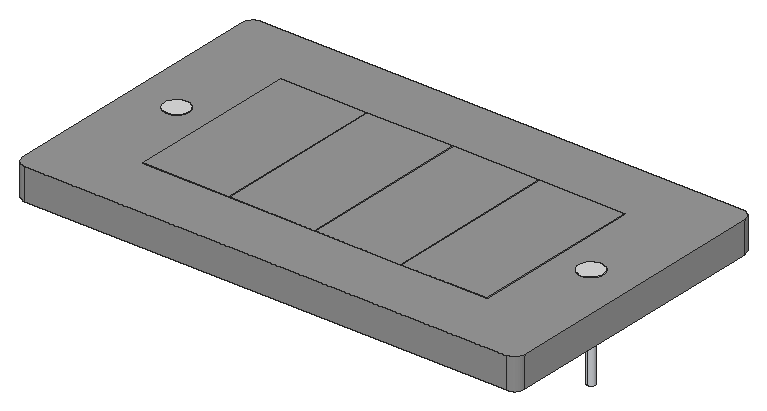
Revit family "ElectricalFixture_WiringAccessories_Hager_Sollysta_DecorativeRaisedEuroPlates", category Electrical Fixtures, host Face, Revit 2015
Parameters (values of type "WRP4EUBNB")
  Warranty ID = ""
  Voltage (Volts) = "230V/240V"
  Unique Reference = "WRP4EUBNB"
  Type = "ElectricalFixture"
  Technical Description = Description  # "EuroStylePlate4ModuleBlackNickelBlackInsert"
  SwitchHeight = 50.0 mm
  Switch Width = 100.0 mm
  Switch = yes
  Supply Phase = "1"
  Size = ""
  Shipping Weight kg = "0.188"
  Shape = "Rectangular"
  Reference Standard = "BS 1363-2"
  Product URL = "http://www.hager.co.uk/product-catalogue/wiring-accessories/sollysta/white-moulded/white-moulded-euro-accomodation-plates-modules/58361.htm"
  Product Range = "Sollysta"
  Product Model Number = Unique Reference  # "WRP4EUBNB"
  Product Literature = "http://www.hager.co.uk/product-catalogue/wiring-accessories/sollysta/38662.htm"
  Product Group = "WiringAccessories"
  Product Family = "DecorativeEuroAccomodationPlates&Modules"
  Packaging Recyclable = yes
  Overall Width = Overall Length  # 146.0 mm
  Overall Length = 146.0 mm
  Overall Height = 86.0 mm
  Overall Depth = 26.07 mm
  Operation and Maintenance Manual = ""
  Name = "DecorativeEuroAccomodationPlates&Modules_WRP4EUBNB"
  Module4 [instance] = ElectricalFixture_WiringAccessories_Hager_Sollysta_EuroModulesWhite : WMMRJ45
  Module3 [instance] = ElectricalFixture_WiringAccessories_Hager_Sollysta_EuroModulesWhite : WMMRJ45
  Module2 [instance] = ElectricalFixture_WiringAccessories_Hager_Sollysta_EuroModulesWhite : WMMRJ11
  Module1 [instance] = ElectricalFixture_WiringAccessories_Hager_Sollysta_EuroModulesWhite : WMMBTM
  Measurement Units = "mm"
  Material = Hager_BlackNickel
  Manufacturer Website = "http://www.hager.co.uk/"
  Manufacturer Country = "United Kingdom"
  Manufacturer = "Hager"
  LED Indicator Switch = no
  Gross Weight kg = "0.165"
  Frequency = "50/60Hz"
  Finish = "Polished"
  Features = Description  # "EuroStylePlate4ModuleBlackNickelBlackInsert"
  Extrusion From Wall = 9.0 mm
  Expected Life = "25 years"
  EAN Code = "5015654743338"
  Design Country = "China"
  Description = "EuroStylePlate4ModuleBlackNickelBlackInsert"
  Default Elevation = 1219.2 mm
  Colour = "BlackNickel"
  CE Approval = yes
  4Gang = yes
  2Gang = yes
  1Gang = no
Types (12, lengths in mm): name | Unique Reference | Technical Description | Product Model Number | Overall Width | Overall Length | Name | Material | Finish | Features | EAN Code | Description | Colour | 4Gang | 2Gang | 1Gang
  WRP1EUPSW | "WRP1EUPSW" | "EuroStylePlate1ModulePolishedSteelWhiteInsert" | "WRP1EUPSW" | 86.0 | 86.0 | "DecorativeEuroAccomodationPlates&Modules_WRP1EUPSW" | Hager_PolishedSteel | "Polished" | "EuroStylePlate1ModulePolishedSteelWhiteInsert" | "5015652261599" | "EuroStylePlate1ModulePolishedSteelWhiteInsert" | "PolishedSteel" | no | no | yes
  WRP2EUPSW | "WRP2EUPSW" | "EuroStylePlate2ModulePolishedSteelWhiteInsert" | "WRP2EUPSW" | 86.0 | 86.0 | "DecorativeEuroAccomodationPlates&Modules_WRP2EUPSW" | Hager_PolishedSteel | "Polished" | "EuroStylePlate2ModulePolishedSteelWhiteInsert" | "5015654743079" | "EuroStylePlate2ModulePolishedSteelWhiteInsert" | "PolishedSteel" | no | yes | no
  WRP2EUBSW | "WRP2EUBSW" | "EuroStylePlate2ModuleBrushedSteelWhiteInsert" | "WRP2EUBSW" | 86.0 | 86.0 | "DecorativeEuroAccomodationPlates&Modules_WRP2EUBSW" | Hager_BrushedSteel | "Brushed" | "EuroStylePlate2ModuleBrushedSteelWhiteInsert" | "5015654743116" | "EuroStylePlate2ModuleBrushedSteelWhiteInsert" | "BrushedSteel" | no | yes | no
  WRP2EUPBW | "WRP2EUPBW" | "EuroStylePlate2ModulePolishedBrassWhiteInsert" | "WRP2EUPBW" | 86.0 | 86.0 | "DecorativeEuroAccomodationPlates&Modules_WRP2EUPBW" | Hager_PolishedBrass | "Polished" | "EuroStylePlate2ModulePolishedBrassWhiteInsert" | "5015654743154" | "EuroStylePlate2ModulePolishedBrassWhiteInsert" | "PolishedBrass" | no | yes | no
  WRP2EUPSB | "WRP2EUPSB" | "EuroStylePlate2ModulePolishedSteelBlackInsert" | "WRP2EUPSB" | 86.0 | 86.0 | "DecorativeEuroAccomodationPlates&Modules_WRP2EUPSB" | Hager_PolishedSteel | "Polished" | "EuroStylePlate2ModulePolishedSteelBlackInsert" | "5015654743093" | "EuroStylePlate2ModulePolishedSteelBlackInsert" | "PolishedSteel" | no | yes | no
  WRP4EUPSW | "WRP4EUPSW" | "EuroStylePlate4ModulePolishedSteelWhiteInsert" | "WRP4EUPSW" | 146.0 | 146.0 | "DecorativeEuroAccomodationPlates&Modules_WRP4EUPSW" | Hager_PolishedSteel | "Polished" | "EuroStylePlate4ModulePolishedSteelWhiteInsert" | "5015654743215" | "EuroStylePlate4ModulePolishedSteelWhiteInsert" | "PolishedSteel" | yes | yes | no
  WRP4EUBSW | "WRP4EUBSW" | "EuroStylePlate4ModuleBrushedSteelWhiteInsert" | "WRP4EUBSW" | 146.0 | 146.0 | "DecorativeEuroAccomodationPlates&Modules_WRP4EUBSW" | Hager_BrushedSteel | "Brushed" | "EuroStylePlate4ModuleBrushedSteelWhiteInsert" | "5015654743253" | "EuroStylePlate4ModuleBrushedSteelWhiteInsert" | "BrushedSteel" | yes | yes | no
  WRP4EUPBW | "WRP4EUPBW" | "EuroStylePlate4ModulePolishedBrassWhiteInsert" | "WRP4EUPBW" | 146.0 | 146.0 | "DecorativeEuroAccomodationPlates&Modules_WRP4EUPBW" | Hager_PolishedBrass | "Polished" | "EuroStylePlate4ModulePolishedBrassWhiteInsert" | "5015654743291" | "EuroStylePlate4ModulePolishedBrassWhiteInsert" | "PolishedBrass" | yes | yes | no
  WRP4EUPSB | "WRP4EUPSB" | "EuroStylePlate4ModulePolishedSteelBlackInsert" | "WRP4EUPSB" | 146.0 | 146.0 | "DecorativeEuroAccomodationPlates&Modules_WRP4EUPSB" | Hager_PolishedSteel | "Polished" | "EuroStylePlate4ModulePolishedSteelBlackInsert" | "5015654743239" | "EuroStylePlate4ModulePolishedSteelBlackInsert" | "PolishedSteel" | yes | yes | no
  WRP4EUBSB | "WRP4EUBSB" | "EuroStylePlate4ModuleBrushedSteelBlackInsert" | "WRP4EUBSB" | 146.0 | 146.0 | "DecorativeEuroAccomodationPlates&Modules_WRP4EUBSB" | Hager_BrushedSteel | "Brushed" | "EuroStylePlate4ModuleBrushedSteelBlackInsert" | "5015654743277" | "EuroStylePlate4ModuleBrushedSteelBlackInsert" | "BrushedSteel" | yes | yes | no
  WRP4EUPBB | "WRP4EUPBB" | "EuroStylePlate4ModulePolishedBrassBlackInsert" | "WRP4EUPBB" | 146.0 | 146.0 | "DecorativeEuroAccomodationPlates&Modules_WRP4EUPBB" | Hager_PolishedBrass | "Polished" | "EuroStylePlate4ModulePolishedBrassBlackInsert" | "5015654743314" | "EuroStylePlate4ModulePolishedBrassBlackInsert" | "PolishedBrass" | yes | yes | no
  WRP4EUBNB | "WRP4EUBNB" | "EuroStylePlate4ModuleBlackNickelBlackInsert" | "WRP4EUBNB" | 146.0 | 146.0 | "DecorativeEuroAccomodationPlates&Modules_WRP4EUBNB" | Hager_BlackNickel | "Polished" | "EuroStylePlate4ModuleBlackNickelBlackInsert" | "5015654743338" | "EuroStylePlate4ModuleBlackNickelBlackInsert" | "BlackNickel" | yes | yes | no
Reference planes
  plane 1 "Center (Front/Back)": y = 0
  plane 2: z = 0
  plane 3 "Center (Left/Right)": x = -11.5
  plane 4: y = -43
  plane 5: y = 43
  plane 6: x = -84.5
  plane 7: x = 61.5
  plane 8: z = 9.47
  plane 9: z = -16.6
  plane 10: z = 9
  plane 11: y = -471.393
  plane 12: z = -20.53
  plane 13: x = -71.65
  plane 14: x = 48.65
  plane 15: x = -61.5
  plane 16: x = 38.5
  plane 17: y = -25
  plane 18: y = 25
  plane 19 "Ref Line": z = -2.9
Forms (mm)
  Extrusion 1, solid, material "Steel, Chrome Plated", detail levels fine
    sketch origin (0, 0, 0) x (1, 0, 0) y (0, 1, 0)
      loop
        circle (-71.65, 0) r 3.542
    from -1.167 to 9
  Extrusion 2, solid, material "Steel, Chrome Plated", detail levels fine
    sketch origin (0, 0, 0) x (-1, 0, 0) y (0, -1, 0)
      loop
        circle (-48.65, 0) r 3.542
    from -1.167 to 9
  Extrusion 3, solid, material "Urea Formaldehyde Thermoset Plastic", detail levels medium
    sketch origin (0, 0, 0) x (1, 0, 0) y (0, 1, 0)
      loop
        line (-84.5, 43) -> (-84.5, -43) -> (61.5, -43) -> (61.5, 43) -> (-84.5, 43)
    from 0 to 9
  Extrusion 4, solid
    sketch origin (-184.307, 0, -1.167) x (0, 1, 0) y (-1, 0, 0)
      loop
        circle (0, -112.657) r 1.2
    from 0 to 19.363
  Extrusion 5, solid
    sketch origin (0, 0, -1.167) x (0, -1, 0) y (1, 0, 0)
      loop
        circle (0, 48.65) r 1.2
    from 0 to 19.363
  Extrusion 6, solid, material "Urea Formaldehyde Thermoset Plastic", detail levels medium
    sketch origin (0, 0, 0) x (1, 0, 0) y (0, 1, 0)
      loop
        line (-84.5, -43) -> (61.5, -43) -> (61.5, 43) -> (-84.5, 43) -> (-84.5, -43)
    from 0 to 9
  Extrusion 7, solid, material "Hager_BlackNickel" <- "Material", detail levels fine
    sketch origin (0, 0, 0) x (1, 0, 0) y (0, 1, 0)
      loop
        arc (-81.235, 43) -> (-83.544, 42.044) -> (-84.5, 39.735) r 3.265
        line (-84.5, 39.735) -> (-84.5, -39.765)
        arc (-84.5, -39.765) -> (-83.553, -42.053) -> (-81.265, -43) r 3.235
        line (-81.265, -43) -> (58.509, -43)
        arc (58.509, -43) -> (60.624, -42.124) -> (61.5, -40.009) r 2.991
        line (61.5, -40.009) -> (61.5, 39.751)
        arc (61.5, 39.751) -> (60.548, 42.048) -> (58.251, 43) r 3.249
        line (58.251, 43) -> (-81.235, 43)
    from 0 to 9
Lines and regions (mm)
  symbolic lines, style "ElectricalFixtures", not visible, detail levels coarse
    curve 1: line (73.42, -504.912, 19.451) -> (3.42, -504.912, 19.451)
    curve 2: arc (73.42, -504.912, 19.451) -> (38.42, -504.912, 54.451) -> (3.42, -504.912, 19.451) r 35
    curve 3: circle (38.42, -504.912, 54.451) r 6 normal (0, 1, 0)
    curve 4: line (38.42, -504.912, 54.451) -> (38.42, -504.912, 99.451)
    curve 5: line (38.42, -504.912, 99.451) -> (68.42, -504.912, 99.451)
    curve 6: line (38.42, -504.912, 54.451) -> (10.78, -504.912, 87.391)
    curve 7: line (10.78, -504.912, 87.391) -> (-3.315, -504.912, 75.564)
    curve 8: line (0.509, -504.912, 19.451) -> (-69.491, -504.912, 19.451)
    curve 9: arc (0.509, -504.912, 19.451) -> (-34.491, -504.912, 54.451) -> (-69.491, -504.912, 19.451) r 35
    curve 10: circle (-34.491, -504.912, 54.451) r 6 normal (0, 1, 0)
    curve 11: line (-34.491, -504.912, 54.451) -> (-34.491, -504.912, 99.451)
    curve 12: line (-34.491, -504.912, 99.451) -> (-4.491, -504.912, 99.451)
    curve 13: line (-34.491, -504.912, 54.451) -> (-62.13, -504.912, 87.391)
    curve 14: line (-62.13, -504.912, 87.391) -> (-76.226, -504.912, 75.564)
  model lines, detail levels coarse
    curve 15: line (-84.5, 43, 0) -> (61.5, 43, 0)
    curve 16: line (-84.5, -43, 0) -> (-84.5, 43, 0)
    curve 17: line (61.5, -43, 0) -> (-84.5, -43, 0)
    curve 18: line (61.5, 43, 0) -> (61.5, -43, 0)
    curve 19: arc (-67.608, 0, 0) -> (-71.65, -4.042, 0) -> (-75.692, 0, 0) r 4.042
    curve 20: arc (-75.692, 0, 0) -> (-71.65, 4.042, 0) -> (-67.608, 0, 0) r 4.042
    curve 21: arc (52.692, 0, 0) -> (48.65, -4.042, 0) -> (44.608, 0, 0) r 4.042
    curve 22: arc (44.608, 0, 0) -> (48.65, 4.042, 0) -> (52.692, 0, 0) r 4.042
  model lines
    curve 23: line (35.719, -25, 0) -> (-58.806, -25, 0)
Dimensions and locks
  "Overall Length": plane 6 to plane 7
  "Overall Height": plane 4 to plane 5
  "Extrusion From Wall": plane 2 to plane 10
  locked: plane 14 to plane 7 at 12.85
  locked: plane 6 to plane 13 at 12.85
  equal spacing: plane 6, plane 3 "Center (Left/Right)", plane 7
  equal spacing: plane 15, plane 3 "Center (Left/Right)", plane 16
  "Switch Width": plane 15 to plane 16
  equal spacing: plane 18, plane 1 "Center (Front/Back)", plane 17
  "SwitchHeight": plane 18 to plane 17
  plane 15 to plane 3 "Center (Left/Right)" to plane 16 = 50.0 mm, 50.0 mm
  nested 1 to host face = 9.0 mm
  locked: plane 10 to plane 19 "Ref Line" at 11.9
  aligned and locked: plane 2 to host face
  aligned and locked: level to host face
  aligned and locked: Extrusion 2 to Extrusion 4
  aligned and locked: Extrusion 5 to Extrusion 1
  aligned and locked: plane 12 to Extrusion 5
  aligned and locked: Extrusion 6 to level
  aligned and locked: plane 14 to Extrusion 5 sketch curve
  aligned and locked: plane 13 to Extrusion 4 sketch curve
  aligned and locked: plane 1 "Center (Front/Back)" to nested 1
  aligned and locked: curve 15 to Extrusion 7 sketch curve
  aligned and locked: curve 16 to Extrusion 7 sketch curve
  aligned and locked: curve 17 to Extrusion 7 sketch curve
  aligned and locked: curve 18 to Extrusion 7 sketch curve
  aligned and locked: Extrusion 7 to plane 10
  aligned and locked: Extrusion 6 to Extrusion 7
  aligned and locked: Extrusion 3 to Extrusion 6
  aligned and locked: Extrusion 3 to Extrusion 1
  aligned and locked: Extrusion 2 to Extrusion 1
Automatic sketch dimensions
  host sketch curve to host sketch curve = 2438.4 mm  (x2)
  Extrusion 1 sketch curve to Extrusion 1 sketch curve = 0.0 mm  (x2)
  plane 1 "Center (Front/Back)" to Extrusion 1 sketch curve = 0.0 mm
  Extrusion 1 sketch curve to plane 13 = 0.0 mm
  Extrusion 1 sketch curve to plane 13 = 3.542 mm
  Extrusion 2 sketch curve to Extrusion 2 sketch curve = 0.0 mm  (x2)
  plane 1 "Center (Front/Back)" to Extrusion 2 sketch curve = 0.0 mm
  plane 14 to Extrusion 2 sketch curve = 0.0 mm
  Extrusion 2 sketch curve to plane 14 = 3.542 mm
  plane 4 to Extrusion 3 sketch curve = 0.0 mm
  Extrusion 3 sketch curve to plane 6 = 0.0 mm
  Extrusion 3 sketch curve to plane 7 = 0.0 mm
  plane 5 to Extrusion 3 sketch curve = 0.0 mm
  plane 5 to Extrusion 6 sketch curve = 0.0 mm
  Extrusion 6 sketch curve to plane 6 = 0.0 mm
  Extrusion 6 sketch curve to plane 7 = 0.0 mm
  plane 4 to Extrusion 6 sketch curve = 0.0 mm
  curve 19 to curve 20 = 0.0 mm  (x2)
  curve 21 to curve 22 = 0.0 mm  (x2)
  plane 4 to curve 17 = 0.0 mm
  curve 17 to plane 6 = 0.0 mm
  plane 1 "Center (Front/Back)" to curve 19 = 0.0 mm
  curve 20 to plane 13 = 0.0 mm
  plane 1 "Center (Front/Back)" to curve 21 = 0.0 mm
  curve 22 to plane 14 = 0.0 mm
  curve 17 to plane 7 = 0.0 mm
  plane 5 to curve 16 = 0.0 mm
  curve 19 to plane 13 = 4.042 mm
  curve 21 to curve 21 = 4.042 mm
  curve 23 to plane 17 = 0.0 mm
  curve 23 to plane 16 = 2.781 mm
  plane 15 to curve 23 = 2.694 mm
  Extrusion 7 sketch curve to plane 4 = 3.235 mm
  plane 6 to Extrusion 7 sketch curve = 3.265 mm
  Extrusion 7 sketch curve to plane 7 = 3.249 mm
  Extrusion 7 sketch curve to plane 7 = 2.991 mm
  radius of Extrusion 4 sketch curve = 1.2 mm
  radius of Extrusion 5 sketch curve = 1.2 mm
Nested families
  nested 1: "ElectricalFixture_WiringAccessories_Hager_Sollysta_EuroModulesWhite" at (-37.5, 0, -2.9), visible <- "4Gang", type <- "Module1", type "WMMBTM", detail levels fine
  nested 2: "ElectricalFixture_WiringAccessories_Hager_Sollysta_EuroModulesWhite" at (-12.5, 0, -2.9), visible <- "2Gang", type <- "Module2", type "WMMRJ11", detail levels fine
  nested 3: "ElectricalFixture_WiringAccessories_Hager_Sollysta_EuroModulesWhite" at (12.5, 0, -2.9), visible <- "2Gang", type <- "Module3", type "WMMRJ45", detail levels fine
  nested 4: "ElectricalFixture_WiringAccessories_Hager_Sollysta_EuroModulesWhite" at (37.5, 0, -2.9), visible <- "4Gang", type <- "Module4", type "WMMRJ45", detail levels fine
  nested 5: "ElectricalFixture_WiringAccessories_Hager_Sollysta_EuroModulesWhite" at (0, 0, -2.9), visible <- "1Gang", type <- "Module1", type "WMMBTM", detail levels fine
Connectors
  electrical at (-11.5, 0, 0)
    settings: on Extrusion 3, index 1, voltage 230 V, apparent load 0 VA, apparent load phase1 0 VA, apparent load phase2 0 VA, apparent load phase3 0 VA, power factor 1, load classification "Other", number of poles 1, system type 31, power factor state 1, is connector primary yes, connector utility no, sub classification motor no, connector description ""
Definition of nested family "ElectricalFixture_WiringAccessories_Hager_Sollysta_EuroModulesWhite"
  Parameters (values of type "WMMPIR10X")
    Warranty ID = ""
    Voltage (Volts) = "230V/240V"
    Unique Reference = "WMMPIR10X"
    Type = "ElectricalFixture"
    Technical Description = Description  # "PIR10mDetectionEuromoduleWhite"
    SwitchHeight = 50.0 mm
    Switch Width = 100.0 mm
    Switch = yes
    Supply Phase = "1"
    Size = ""
    Shipping Weight kg = "0.188"
    Shape = "Rectangular"
    Reference Standard = "BS 1363-2"
    Product URL = "http://www.hager.co.uk/product-catalogue/wiring-accessories/sollysta/white-moulded/white-moulded-euro-accomodation-plates-modules/58361.htm"
    Product Range = "Sollysta"
    Product Model Number = Unique Reference  # "WMMPIR10X"
    Product Literature = "http://www.hager.co.uk/product-catalogue/wiring-accessories/sollysta/38662.htm"
    Product Group = "WiringAccessories"
    Product Family = "WhiteMouldedEuroAccomodationPlates&Modules"
    Packaging Recyclable = yes
    Overall Width = 25.0 mm
    Overall Length = 25.0 mm  # constant formula
    Overall Height = 50.0 mm
    Overall Depth = 11.9 mm
    Operation and Maintenance Manual = ""
    Name = "WhiteMouldedEuroAccomodationPlates&Modules_WMMPIR10X"
    Measurement Units = "mm"
    Material = none
    Manufacturer Website = "http://www.hager.co.uk/"
    Manufacturer Country = "United Kingdom"
    Manufacturer = "Hager"
    LED Indicator Switch = no
    Gross Weight kg = "0.165"
    Frequency = "50/60Hz"
    Finish = "Gloss"
    Features = Description  # "PIR10mDetectionEuromoduleWhite"
    Extrusion From Wall = 11.921 mm
    Expected Life = "25 years"
    EAN Code = "3250617262347"
    Design Country = "China"
    Description = "PIR10mDetectionEuromoduleWhite"
    Default Elevation = 1219.2 mm
    Colour = "SollystaWhite"
    CE Approval = yes
  Types (16, lengths in mm): name | Unique Reference | Technical Description | Product Model Number | Name | Features | EAN Code | Description
    WMMBTM | "WMMBTM" | "BTTelephoneMasterEuromoduleWhite" | "WMMBTM" | "WhiteMouldedEuroAccomodationPlates&Modules_WMMBTM" | "BTTelephoneMasterEuromoduleWhite" | "5015652260691" | "BTTelephoneMasterEuromoduleWhite"
    WMMBTS | "WMMBTS" | "BTTelephoneSecondaryEuromoduleWhite" | "WMMBTS" | "WhiteMouldedEuroAccomodationPlates&Modules_WMMBTS" | "BTTelephoneSecondaryEuromoduleWhite" | "5015652260998" | "BTTelephoneSecondaryEuromoduleWhite"
    WMMRJ11 | "WMMRJ11" | "RJ11ModernEuromoduleWhite" | "WMMRJ11" | "WhiteMouldedEuroAccomodationPlates&Modules_WMMRJ11" | "RJ11ModernEuromoduleWhite" | "RJ11 - Modem Euromodule White" | "RJ11ModernEuromoduleWhite"
    WMMRJ45 | "WMMRJ45" | "RJ45CAT6UTPEuromoduleWhite" | "WMMRJ45" | "WhiteMouldedEuroAccomodationPlates&Modules_WMMRJ45" | "RJ45CAT6UTPEuromoduleWhite" | "5015652260752" | "RJ45CAT6UTPEuromoduleWhite"
    WMMPP | "WMMPP" | "PhonoPlugsRed/BlackEuromodule" | "WMMPP" | "WhiteMouldedEuroAccomodationPlates&Modules_WMMPP" | "PhonoPlugsRed/BlackEuromodule" | "5015652260776" | "PhonoPlugsRed/BlackEuromodule"
    WMMSP | "WMMSP" | "SpeakerTerminalPostsEuromoduleWhite" | "WMMSP" | "WhiteMouldedEuroAccomodationPlates&Modules_WMMSP" | "SpeakerTerminalPostsEuromoduleWhite" | "5015652260783" | "SpeakerTerminalPostsEuromoduleWhite"
    WMMTVF | "WMMTVF" | "SingleIECFemaleEuromoduleWhite" | "WMMTVF" | "WhiteMouldedEuroAccomodationPlates&Modules_WMMTVF" | "SingleIECFemaleEuromoduleWhite" | "5015652260806" | "SingleIECFemaleEuromoduleWhite"
    WMMTVM | "WMMTVM" | "SingleIECMaleEuromoduleWhite" | "WMMTVM" | "WhiteMouldedEuroAccomodationPlates&Modules_WMMTVM" | "SingleIECMaleEuromoduleWhite" | "5015652260837" | "SingleIECMaleEuromoduleWhite"
    WMMSAT | "WMMSAT" | "SingleSatelliteFConnectorEuromoduleWhite" | "WMMSAT" | "WhiteMouldedEuroAccomodationPlates&Modules_WMMSAT" | "SingleSatelliteFConnectorEuromoduleWhite" | "5015652260868" | "SingleSatelliteFConnectorEuromoduleWhite"
    WMMB | "WMMB" | "SingleBlankEuromoduleWhite" | "WMMB" | "WhiteMouldedEuroAccomodationPlates&Modules_WMMB" | "SingleBlankEuromoduleWhite" | "5015652260912" | "SingleBlankEuromoduleWhite"
    WMMHDMI | "WMMHDMI" | "HDMIOutletWhite" | "WMMHDMI" | "WhiteMouldedEuroAccomodationPlates&Modules_WMMHDMI" | "HDMIOutletWhite" | "3250617262071" | "HDMIOutletWhite"
    WMMUSB | "WMMUSB" | "USBEuromoduleWhite" | "WMMUSB" | "WhiteMouldedEuroAccomodationPlates&Modules_WMMUSB" | "USBEuromoduleWhite" | "5015654760175" | "USBEuromoduleWhite"
    WMMTX | "WMMTX" | "Triplexer,TV,SAT&FMEuromoduleWhite" | "WMMTX" | "WhiteMouldedEuroAccomodationPlates&Modules_WMMTX" | "Triplexer,TV,SAT&FMEuromoduleWhite" | "5015652260950" | "Triplexer,TV,SAT&FMEuromoduleWhite"
    WMMQX | "WMMQX" | "Quadplexer,TV/SAT/FM/RTRNEuromoduleWhite" | "WMMQX" | "WhiteMouldedEuroAccomodationPlates&Modules_WMMQX" | "Quadplexer,TV/SAT/FM/RTRNEuromoduleWhite" | "5015652260974" | "Quadplexer,TV/SAT/FM/RTRNEuromoduleWhite"
    WMMPIR05X | "WMMPIR05X" | "PIR5mDetectionEuromoduleWhite" | "WMMPIR05X" | "WhiteMouldedEuroAccomodationPlates&Modules_WMMPIR05X" | "PIR5mDetectionEuromoduleWhite" | "3250617262330" | "PIR5mDetectionEuromoduleWhite"
    WMMPIR10X | "WMMPIR10X" | "PIR10mDetectionEuromoduleWhite" | "WMMPIR10X" | "WhiteMouldedEuroAccomodationPlates&Modules_WMMPIR10X" | "PIR10mDetectionEuromoduleWhite" | "3250617262347" | "PIR10mDetectionEuromoduleWhite"
  Reference planes
    plane 1 "Center (Front/Back)": y = 0
    plane 2: z = 0
    plane 3 "Center (Left/Right)": x = -11.5
    plane 4: y = -25
    plane 5: y = 25
    plane 6: x = -24
    plane 7: x = 1
    plane 8: z = 11.9
  Forms (mm)
    Extrusion 1, solid
      sketch origin (0, 0, 0) x (1, 0, 0) y (0, 1, 0)
        loop
          line (-1219.2, 1219.2) -> (-1219.2, -1219.2) -> (1219.2, -1219.2) -> (1219.2, 1219.2) -> (-1219.2, 1219.2)
      from 0 to -304.8
    Extrusion 2, solid
      sketch origin (0, 0, 0) x (1, 0, 0) y (0, 1, 0)
        loop
          line (-24, -25) -> (1, -25) -> (1, 25) -> (-24, 25) -> (-24, -25)
      from 0 to 11.9
  Lines and regions (mm)
    symbolic lines, not visible, detail levels coarse
      curve 1: line (73.42, -504.912, 19.451) -> (3.42, -504.912, 19.451)
      curve 2: arc (73.42, -504.912, 19.451) -> (38.42, -504.912, 54.451) -> (3.42, -504.912, 19.451) r 35
      curve 3: circle (38.42, -504.912, 54.451) r 6 normal (0, 1, 0)
      curve 4: line (38.42, -504.912, 54.451) -> (38.42, -504.912, 99.451)
      curve 5: line (38.42, -504.912, 99.451) -> (68.42, -504.912, 99.451)
      curve 6: line (38.42, -504.912, 54.451) -> (10.78, -504.912, 87.391)
      curve 7: line (10.78, -504.912, 87.391) -> (-3.315, -504.912, 75.564)
      curve 8: line (0.509, -504.912, 19.451) -> (-69.491, -504.912, 19.451)
      curve 9: arc (0.509, -504.912, 19.451) -> (-34.491, -504.912, 54.451) -> (-69.491, -504.912, 19.451) r 35
      curve 10: circle (-34.491, -504.912, 54.451) r 6 normal (0, 1, 0)
      curve 11: line (-34.491, -504.912, 54.451) -> (-34.491, -504.912, 99.451)
      curve 12: line (-34.491, -504.912, 99.451) -> (-4.491, -504.912, 99.451)
      curve 13: line (-34.491, -504.912, 54.451) -> (-62.13, -504.912, 87.391)
      curve 14: line (-62.13, -504.912, 87.391) -> (-76.226, -504.912, 75.564)
  Dimensions and locks
    equal spacing: plane 6, plane 3 "Center (Left/Right)", plane 7
    "Overall Width": plane 6 to plane 7
    equal spacing: plane 4, plane 1 "Center (Front/Back)", plane 5
    "Overall Height": plane 4 to plane 5
    "Overall Depth": plane 8 to plane 2
    aligned and locked: plane 2 to Extrusion 1
    aligned and locked: level to Extrusion 1
    aligned and locked: plane 4 to Extrusion 2 sketch curve
    aligned and locked: Extrusion 2 sketch curve to plane 6
    aligned and locked: Extrusion 2 sketch curve to plane 5
    aligned and locked: plane 7 to Extrusion 2 sketch curve
    aligned and locked: Extrusion 2 to plane 8
  Automatic sketch dimensions
    Extrusion 1 sketch curve to Extrusion 1 sketch curve = 2438.4 mm  (x2)
